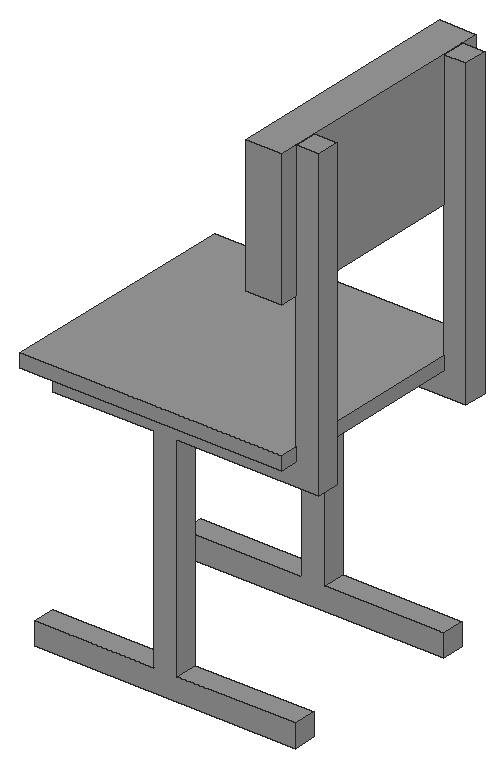
Revit family "АВЛН_Стул", category Мебель, Revit 2019
Family settings
  Номер OmniClass = 23.40.20.00
  Заголовок OmniClass = General Furniture and Specialties
  На основе рабочей плоскости = Нет
  Всегда вертикально = Да
  При загрузке вырезать с полостями = Нет
  Общий = Нет
  Точка расчета площади = Нет
Parameters (values of type "Стул Гр. 2 – 290х270х300мм")
  МГН = no
  М_Сиденье = Деревянная обшивка, ДСП
  Описание = "Стул ученический с регулируемой (изменяемой)\r\nвысотой\r\nматериал: фанера гнутоклеенная, лакированная\r\nРазмеры сидения (ГхШхВ):\r\nГр. 2 – 290х270х300мм"
  М_Опора = Сталь, окрашенная, темно-серая, матовая
  Type Comments = ""
  Keynote = ""
  Изготовитель = "УП «СВ КЛАСС»"
  Группа модели = "Оборудование основных помещений школы"  # constant formula
  ADSK_Размер_Ширина = 270 mm
  ADSK_Размер_Длина = 290 mm
  ADSK_Размер_Высота = 300 mm
  ADSK_Обозначение = "ГОСТ 11016-93"
  ADSK_Масса = 3.1
  ADSK_Код изделия = ""
  ADSK_Единица измерения = "шт"  # constant formula
Types (6, lengths in mm): name | МГН | Описание | Изготовитель | ADSK_Размер_Ширина | ADSK_Размер_Длина | ADSK_Размер_Высота | ADSK_Обозначение | ADSK_Масса
  Стул Гр. 2 – 290х270х300мм | no | "Стул ученический с регулируемой (изменяемой)\r\nвысотой\r\nматериал: фанера гнутоклеенная, лакированная\r\nРазмеры сидения (ГхШхВ):\r\nГр. 2 – 290х270х300мм" | "УП «СВ КЛАСС»" | 270 | 290 | 300 | "ГОСТ 11016-93" | 3.1
  Стул Гр. 3 – 330х290х340мм | no | "Стул ученический с регулируемой (изменяемой)\r\nвысотой\r\nматериал: фанера гнутоклеенная, лакированная\r\nРазмеры сидения (ГхШхВ): Гр. 3 – 330х290х340мм" | "УП «СВ КЛАСС»" | 290 | 330 | 340 | "ГОСТ 11016-93" | 3.1
  Стул Гр. 4 – 330х320х380мм | no | "Стул ученический с регулируемой (изменяемой)\r\nвысотой\r\nматериал: фанера гнутоклеенная, лакированная\r\nРазмеры сидения (ГхШхВ):Гр. 4 – 330х320х380мм" | "УП «СВ КЛАСС»" | 320 | 330 | 380 | "ГОСТ 11016-93" | 3.7
  Стул Гр. 5 – 380х310х420мм | no | "Стул ученический с регулируемой (изменяемой)\r\nвысотой\r\nматериал: фанера гнутоклеенная, лакированная\r\nРазмеры сидения (ГхШхВ):Гр. 5 – 380х310х420мм" | "УП «СВ КЛАСС»" | 310 | 380 | 420 | "ГОСТ 11016-93" | 4.6
  Стул Гр. 6 – 400х360х460мм | no | "Стул ученический с регулируемой (изменяемой)\r\nвысотой\r\nматериал: фанера гнутоклеенная, лакированная\r\nРазмеры сидения (ГхШхВ): Гр. 6 – 400х360х460мм" | "УП «СВ КЛАСС»" | 360 | 400 | 460 | "ГОСТ 11016-93" | 4.6
  Стул для МГН 482х500х400 | yes | "Стул для МГН с высокими спинками сидений с\r\nбортиками-ограждениями с боков и сзади\r\nГабариты, ВxШxГ, мм: 380-420 x 450-610 x 482" | "«ДОСТУПНАЯ СТРАНА»" | 500 | 482 | 400 | "" | 7.8
Reference planes
  plane 1 "По центру (Вперед/Назад)": y = 0
  plane 2: z = 0
  plane 3 "По центру (Влево/Вправо)": x = 0
  plane 4 "сиденье": z = 300
  plane 5: y = 135
  plane 6: y = -135
  plane 7: x = -145
  plane 8: x = 145
  plane 9 "верх": z = 600
  plane 10 "По центру Л/Р": z = 450
Forms (mm)
  Extrusion 1, solid, material "Деревянная обшивка, ДСП" <- "М_Сиденье"
    sketch origin (0, -518.993, 300) x (-1, 0, 0) y (0, 1, 0)
      loop
        line (145, 653.993) -> (-145, 653.993) -> (-145, 383.993) -> (145, 383.993) -> (145, 653.993)
    from 15 to 0
  Sweep 2, solid, material "Сталь, окрашенная, темно-серая, матовая" <- "М_Опора"
    path origin (-244.357, -135, 1200) x (-1, 0, 0) y (0, 0, 1)
      loop
        line (-244.357, -940) -> (-244.357, -1175)
    profile origin (0, -135, 142.5) x (0, 1, 0) y (-1, 0, 0)
      loop
        line (20, -12.5) -> (45, -12.5) -> (45, 12.5) -> (20, 12.5) -> (20, -12.5)
  Sweep 3, solid, material "Сталь, окрашенная, темно-серая, матовая" <- "М_Опора"
    path origin (-244.357, -135, 1200) x (-1, 0, 0) y (0, 0, 1)
      loop
        line (-389.357, -1200) -> (-99.357, -1200)
    profile origin (0, -135, 0) x (0, 0, 1) y (0, 1, 0)
      loop
        line (25, 20) -> (25, 45) -> (0, 45) -> (0, 20) -> (25, 20)
  Extrusion 4, solid, material "Деревянная обшивка, ДСП"
    sketch origin (4267.2, -338.917, 600) x (0, -1, 0) y (1, 0, 0)
      loop
        line (-473.917, -4162.2) -> (-203.917, -4162.2) -> (-203.917, -4122.2) -> (-473.917, -4122.2) -> (-473.917, -4162.2)
    from -150 to 0
  Sweep 5, solid, material "Сталь, окрашенная, темно-серая, матовая" <- "М_Опора"
    path origin (-244.357, -135, 1580) x (-1, 0, 0) y (0, 0, 1)
      loop
        line (-389.357, -980) -> (-389.357, -1295) -> (-119.357, -1295)
    profile origin (10, -135, 285) x (0, 0, 1) y (0, 1, 0)
      loop
        line (-25, 20) -> (0, 20) -> (0, 45) -> (-25, 45) -> (-25, 20)
  Sweep 6, solid, material "Сталь, окрашенная, темно-серая, матовая" <- "М_Опора"
    path origin (-244.357, 135, 1200) x (-1, 0, 0) y (0, 0, 1)
      loop
        line (-244.357, -940) -> (-244.357, -1175)
    profile origin (0, 135, 142.5) x (0, 1, 0) y (-1, 0, 0)
      loop
        line (-45, 12.5) -> (-45, -12.5) -> (-20, -12.5) -> (-20, 12.5) -> (-45, 12.5)
  Sweep 7, solid, material "Сталь, окрашенная, темно-серая, матовая" <- "М_Опора"
    path origin (-244.357, 135, 1200) x (-1, 0, 0) y (0, 0, 1)
      loop
        line (-389.357, -1200) -> (-99.357, -1200)
    profile origin (0, 135, 0) x (0, 0, 1) y (0, 1, 0)
      loop
        line (0, -45) -> (25, -45) -> (25, -20) -> (0, -20) -> (0, -45)
  Sweep 8, solid, material "Сталь, окрашенная, темно-серая, матовая" <- "М_Опора"
    path origin (-244.357, 135, 1200) x (-1, 0, 0) y (0, 0, 1)
      loop
        line (-389.357, -600) -> (-389.357, -915) -> (-119.357, -915)
    profile origin (10, 135, 285) x (0, 0, 1) y (0, 1, 0)
      loop
        line (0, -45) -> (0, -20) -> (-25, -20) -> (-25, -45) -> (0, -45)
  Extrusion 9, solid, visible <- "МГН"
    sketch origin (0, -518.993, 300) x (-1, 0, 0) y (0, 1, 0)
      loop
        line (145, 653.993) -> (-145, 653.993) -> (-145, 613.993) -> (145, 613.993) -> (145, 653.993)
      loop
        line (145, 423.993) -> (-145, 423.993) -> (-145, 383.993) -> (145, 383.993) -> (145, 423.993)
    from 0 to -150
Cuts and joins
  joined: Sweep 2, Sweep 3, Sweep 5, Sweep 6, Sweep 7, Sweep 8
Dimensions and locks
  plane 2 to plane 4 "сиденье" = 300 mm
  "ADSK_Размер_Ширина": plane 5 to plane 6
  "ADSK_Размер_Длина": plane 7 to plane 8
  "ADSK_Размер_Высота": level to plane 4 "сиденье"
  Extrusion 1 to plane 4 "сиденье" = 15 mm
  equal spacing: plane 7, plane 3 "По центру (Влево/Вправо)", plane 8
  equal spacing: plane 5, plane 1 "По центру (Вперед/Назад)", plane 6
  locked: Sweep 3 sketch curve to Sweep 3 sketch curve at 25  (x2)
  locked: Sweep 2 sketch curve to Sweep 2 sketch curve at 25  (x2)
  Sweep 3 to plane 6 = 45 mm
  locked: Sweep 3 sketch curve to profile plane at 20
  locked: Sweep 2 sketch curve to profile plane at 20
  equal spacing: Sweep 2 sketch curve, Sweep 2 sketch curve, profile plane, Sweep 2 sketch curve
  Extrusion 4 sketch curve to plane 8 = 40 mm
  locked: plane 4 "сиденье" to plane 9 "верх" at 300
  plane 1 "По центру (Вперед/Назад)" to Extrusion 4 = 135 mm
  locked: Sweep 5 sketch curve to Sweep 5 sketch curve at 25  (x2)
  locked: Sweep 5 sketch curve to profile plane at 20
  locked: Sweep 5 sketch curve to plane 7 at 20
  locked: Sweep 7 sketch curve to Sweep 7 sketch curve at 25  (x2)
  locked: Sweep 6 sketch curve to Sweep 6 sketch curve at 25  (x2)
  locked: profile plane to Sweep 7 sketch curve at 20
  locked: profile plane to Sweep 6 sketch curve at 20
  equal spacing: Sweep 6 sketch curve, profile plane, Sweep 6 sketch curve, Sweep 6 sketch curve
  locked: Sweep 8 sketch curve to Sweep 8 sketch curve at 25  (x2)
  locked: profile plane to Sweep 8 sketch curve at 20
  plane 5 to Extrusion 9 sketch curve = 40 mm
  plane 6 to Extrusion 9 sketch curve = 40 mm
  locked: plane 9 "верх" to plane 10 "По центру Л/Р" at 150
  aligned and locked: Extrusion 1 to plane 4 "сиденье"
  aligned and locked: plane 8 to Extrusion 1
  aligned and locked: Extrusion 1 to plane 7
  aligned and locked: plane 5 to Extrusion 1
  aligned and locked: Extrusion 1 to plane 6
  aligned and locked: profile plane to Sweep 3 sketch curve
  aligned and locked: level to plane 2
  aligned and locked: Sweep 3 sketch curve to plane 2
  aligned and locked: plane 3 "По центру (Влево/Вправо)" to Sweep 2 sketch curve
  aligned and locked: Sweep 3 to Sweep 2 sketch curve
  aligned and locked: Extrusion 4 sketch curve to plane 5
  aligned and locked: plane 6 to Extrusion 4 sketch curve
  aligned and locked: Extrusion 4 sketch curve to plane 8
  aligned and locked: plane 9 "верх" to Extrusion 4
  aligned and locked: profile plane to Sweep 5 sketch curve
  aligned and locked: plane 9 "верх" to Sweep 5 sketch curve
  aligned and locked: Sweep 5 to Sweep 2 sketch curve
  aligned and locked: profile plane to Sweep 7 sketch curve
  aligned and locked: Sweep 8 sketch curve to profile plane
  aligned and locked: Sweep 7 to Sweep 6 sketch curve
  aligned and locked: Sweep 8 to Sweep 6 sketch curve
  aligned and locked: plane 7 to Extrusion 9 sketch curve  (x2)
  aligned and locked: plane 6 to Extrusion 9 sketch curve
  aligned and locked: Extrusion 9 sketch curve to plane 5
  aligned and locked: Extrusion 4 to plane 10 "По центру Л/Р"
  aligned and locked: plane 8 to Extrusion 9  (x2)
Automatic sketch dimensions
  Extrusion 1 sketch curve to plane 5 = 0 mm
  Extrusion 1 sketch curve to plane 8 = 0 mm
  Extrusion 1 sketch curve to plane 6 = 0 mm
  Extrusion 1 sketch curve to plane 7 = 0 mm
  profile plane to Sweep 2 sketch curve = 12.5 mm
  Sweep 3 sketch curve to plane 8 = 0 mm
  Sweep 3 sketch curve to plane 7 = 0 mm
  Sweep 5 sketch curve to plane 8 = 0 mm
  plane 4 "сиденье" to Sweep 5 sketch curve = 15 mm
  profile plane to Sweep 6 sketch curve = 12.5 mm
  Sweep 7 sketch curve to level = 0 mm
  Sweep 7 sketch curve to plane 8 = 0 mm
  Sweep 7 sketch curve to plane 7 = 0 mm
  Sweep 6 sketch curve to plane 3 "По центру (Влево/Вправо)" = 0 mm
  Sweep 8 sketch curve to plane 8 = 0 mm
  Sweep 8 sketch curve to plane 9 "верх" = 0 mm
  plane 4 "сиденье" to Sweep 8 sketch curve = 15 mm
  plane 7 to Sweep 8 sketch curve = 20 mm
  Extrusion 9 sketch curve to plane 8 = 0 mm  (x2)
